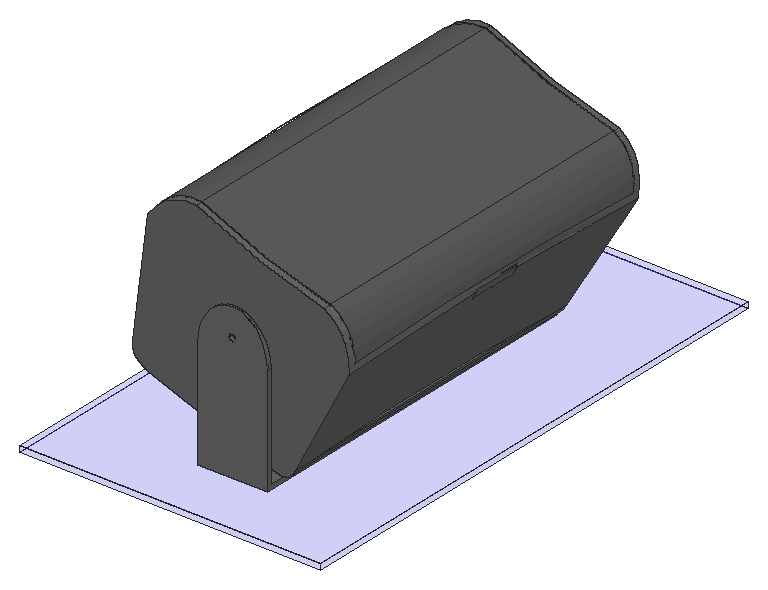
Revit family "AD-S112s - Yoke Mount", category Generic Models, host Face, Revit 2014
Parameters
  Yoke Finish [instance] = Black Finish
  Width = 354.012 mm
  Weight Product (lb) = 29
  Weight Product (kg) = 13.2
  Weight Dimensional (lb) = 43.1
  Weight Dimensional (kg) = 19.6
  URL = "http://www.qsc.com/products/Loudspeakers/AcousticDesign_Surface_Mount_(New_Models)/AD-S112SW/"
  Translated Angle [instance] = Rotation Angle + 90.00°  # 70.00°
  Sensitivity = 90
  SPL Max = 121
  Rotation Angle [instance] = -20.00°
  Regulatory Compliance = "IP54"
  Product Page URL = "http://www.qsc.com/products/Loudspeakers/AcousticDesign_Surface_Mount_(New_Models)/AD-S112SW/"
  Product Documentation Link = "http://qsc.com/files/3814/0362/8026/AD-S112sw_Specification_Sheet_English.pdf"
  Power Handling = 300
  Mount Width = 114.995 mm
  Mount Inner Height [instance] = 584.007 mm
  Mount Height = 596 mm
  Mount Depth = 254 mm
  Model = "AD-S112s"
  Manufacturer URL = "www.qscaudio.com"
  Manufacturer = "QSC Audio Products, LLC"
  Impedance = 8
  Height = 594.023 mm
  Grille Finish [instance] = Black Grille
  Enclosure Finish [instance] = Black Finish
  Description = "12\" Small Format Surface Mount Subwoofer"
  Depth = 322.957 mm
  Default Elevation = 1219.2 mm
Reference planes
  plane 1 "Center (Front/Back)": y = 0
  plane 2: z = 0
  plane 3 "Center (Left/Right)": x = 0
  plane 4 "Top": y = 298
  plane 5 "Bottom": y = -298
  plane 6: x = -57.497
  plane 7: x = 57.497
  plane 8: z = 254
  plane 9: z = 179
  plane 10: y = 292.004
  plane 11: y = -292.004
  plane 12: z = 208
Forms (mm)
  Extrusion 1, solid, material "Glass"
    sketch origin (0, 0, 0) x (1, 0, 0) y (0, 1, 0)
      loop
        line (-266.7, 478.1) -> (-266.7, -401.952) -> (228.824, -401.952) -> (228.824, 478.1) -> (-266.7, 478.1)
    from 0 to -10.021
  Extrusion 2, solid, material "Black Finish" <- "Yoke Finish"
    sketch origin (0, -298, 0) x (1, 0, 0) y (0, 0, -1)
      loop
        circle (0, -208) r 5.5
      loop
        line (57.497, 0) -> (-57.497, 0) -> (-57.497, -179)
        spline (-57.497, -179) -> (-55.538, -198.411) -> (-49.794, -216.5) -> (-40.657, -232.033) -> (-28.749, -243.952) -> (-14.881, -251.444) -> (0, -254) -> (14.881, -251.444) -> (28.749, -243.952) -> (40.657, -232.033) -> (49.794, -216.5) -> (55.538, -198.411) -> (57.497, -179)
        line (57.497, -179) -> (57.497, 0)
    from 0 to 596 <- "Mount Height"
  Extrusion 3, void
    sketch origin (-319.189, -292.004, 1219.2) x (1, 0, 0) y (0, 0, -1)
      loop
        line (261.692, 965.2) -> (376.686, 965.2) -> (376.686, 1211.072) -> (261.692, 1211.072) -> (261.692, 965.2)
    from 0 to 584.007 <- "Mount Inner Height"
Cuts and joins
  Extrusion 3 cuts Extrusion 2
Lines and regions (mm)
  reference lines
    curve 1: line (0, 0, 0) -> (0, 0, 208)
Dimensions and locks
  equal spacing: plane 4 "Top", plane 1 "Center (Front/Back)", plane 5 "Bottom"
  "Mount Height": plane 4 "Top" to plane 5 "Bottom"
  equal spacing: plane 6, plane 3 "Center (Left/Right)", plane 7
  "Mount Width": plane 6 to plane 7
  "Mount Depth": plane 8 to plane 2
  equal spacing: plane 11, plane 1 "Center (Front/Back)", plane 10
  plane 4 "Top" to plane 10 = 5.996 mm
  level to Extrusion 3 sketch curve = 8.128 mm
  "Mount Inner Height": plane 10 to plane 11
  plane 12 to plane 2 = 208 mm
  "Translated Angle": angle nested 1 to plane 12
  aligned and locked: plane 2 to Extrusion 1
  aligned and locked: level to Extrusion 1
  aligned and locked: plane 12 to curve 1
Automatic sketch dimensions
  Extrusion 1 sketch curve to Extrusion 1 sketch curve = 495.524 mm
  Extrusion 1 sketch curve to Extrusion 1 sketch curve = 880.052 mm
  Extrusion 3 sketch curve to plane 6 = 0 mm
  Extrusion 3 sketch curve to plane 7 = 0 mm
  Extrusion 3 sketch curve to plane 8 = 0 mm
  curve 1 to plane 3 "Center (Left/Right)" = 0 mm
  curve 1 to level = 0 mm
  Extrusion 2 sketch curve to level = 0 mm
  Extrusion 2 sketch curve to plane 6 = 0 mm
  Extrusion 2 sketch curve to plane 3 "Center (Left/Right)" = 0 mm  (x2)
  Extrusion 2 sketch curve to plane 9 = 0 mm
  Extrusion 2 sketch curve to plane 12 = 0 mm
  radius of Extrusion 2 sketch curve = 5.5 mm
Nested families
  nested 1: "AD-S12" at (54.897, 0, 359.744) x (-0.9397, 0, 0.342) z (0, -1, 0), type "AD-S12"
  nested 2: "AD-S12" at (228.6, 0, 399.165) x (-1, 0, 0) z (0, -1, 0), type "AD-S12", not visible
Connectors
  electrical at (-50.434, -120, 70.351)
    settings: on nested 1, index 1, voltage 0 V, apparent load 0 VA, apparent load phase1 0 VA, apparent load phase2 0 VA, apparent load phase3 0 VA, power factor 1, load classification "Other", number of poles 1, system type 14, power factor state 1, is connector primary yes, connector utility no, sub classification motor no, connector description "Speaker Input"
  electrical at (-50.434, -120, 70.351)
    settings: on nested 1, index 2, voltage 0 V, apparent load 0 VA, apparent load phase1 0 VA, apparent load phase2 0 VA, apparent load phase3 0 VA, power factor 1, load classification "Other", number of poles 1, system type 14, power factor state 1, is connector primary no, connector utility no, sub classification motor no, connector description "Parallel Output"
Definition of nested family "AD-S12"
  Parameters (values of type "AD-S12")
    Width = 354 mm
    Weight Dimensional (lb) = 43.1
    Weight Dimensional (kg) = 19.6
    URL = "http://www.qsc.com/products/Loudspeakers/AcousticDesign_Surface_Mount_(New_Models)/AD-S112SW/"
    Sensitivity = 90
    SPL Max = 121
    Rotation Axis Distance = 3351 mm
    Product Page URL = "http://www.qsc.com/products/Loudspeakers/AcousticDesign_Surface_Mount_(New_Models)/AD-S112SW/"
    Weight Product (kg) = 29
    Weight Product (lb) = 13.2
    Power Handling = 300
    Model = "AD-S112s"
    Mid Depth = 310.5 mm
    Manufacturer URL = "www.qscaudio.com"
    Manufacturer = "QSC Audio Products, LLC"
    Impedance = 8
    Height [instance] = 595.869 mm
    Grille Finish = Black Grille
    Enclosure Finish = Black Finish
    Description = "12\" Small Format Surface Mount Subwoofer"
    Depth [instance] = 322.965 mm
  Reference planes
    plane 1 "Center (Front/Back) (Grille Extent)": y = 0
    plane 2: z = 0
    plane 3 "Center (Left/Right)": x = 0
    plane 4 "Rotation Axis Plane": y = 3351
    plane 5: x = -177
    plane 6: x = 177
    plane 7: x = 106.71
    plane 8: x = -106.71
    plane 9: y = 71.2
    plane 10: x = -142.835
    plane 11: x = 142.835
    plane 12: y = 283.17
    plane 13: x = -112.545
    plane 14: x = 112.545
    plane 15: y = 5.4
    plane 16 "Back Plane": y = 322.965
    plane 17: y = 310.5
    plane 18: y = 77.988
    plane 19: x = -173.25
    plane 20: x = 173.25
    plane 21: z = 140
    plane 22: z = 100
    plane 23: x = -40
    plane 24: x = 40
    plane 25 "Top Plane": z = 300.533
    plane 26: z = -295.335
    plane 27: x = 106.71
    plane 28: x = -106.71
    plane 29: y = 71.2
    plane 30: x = -142.835
    plane 31: x = 142.835
    plane 32: y = 283.17
    plane 33: x = -112.545
    plane 34: x = 112.545
    plane 35: y = 5.4
    plane 36: y = 310.5
    plane 37: y = 77.988
    plane 38: x = -173.25
    plane 39: x = 173.25
  Forms (mm)
    Revolve 1, solid, material "Black Finish" <- "Enclosure Finish"
      sketch origin (0, 0, 0) x (1, 0, 0) y (0, 1, 0)
        loop
          spline (-106.71, 310.5) -> (-111.828, 310.31) -> (-116.563, 309.741) -> (-120.915, 308.792) -> (-124.884, 307.463) -> (-128.469, 305.755) -> (-131.671, 303.667) -> (-134.49, 301.2) -> (-136.925, 298.353) -> (-138.978, 295.127) -> (-140.647, 291.521) -> (-141.933, 287.535) -> (-142.835, 283.17)
          line (-142.835, 283.17) -> (-177, 71.2)
          spline (-177, 71.2) -> (-173.811, 61.268) -> (-170.225, 52.062) -> (-166.243, 43.584) -> (-161.863, 35.833) -> (-157.087, 28.809) -> (-151.915, 22.512) -> (-146.345, 16.942) -> (-140.378, 12.099) -> (-134.015, 7.984) -> (-127.255, 4.595) -> (-120.099, 1.934) -> (-112.545, 0)
          spline (-112.545, 0) -> (-93.804, 1.932) -> (-75.061, 3.512) -> (-56.314, 4.742) -> (-37.564, 5.62) -> (-18.812, 6.147) -> (-0.056, 6.322) -> (18.703, 6.147) -> (37.466, 5.62) -> (56.231, 4.742) -> (74.999, 3.512) -> (93.771, 1.932) -> (112.545, 0)
          spline (112.545, 0) -> (120.099, 1.934) -> (127.255, 4.595) -> (134.015, 7.984) -> (140.378, 12.099) -> (146.345, 16.942) -> (151.915, 22.512) -> (157.087, 28.809) -> (161.863, 35.833) -> (166.243, 43.584) -> (170.225, 52.062) -> (173.811, 61.268) -> (177, 71.2)
          line (177, 71.2) -> (142.835, 283.17)
          spline (142.835, 283.17) -> (141.933, 287.535) -> (140.647, 291.521) -> (138.978, 295.127) -> (136.925, 298.353) -> (134.49, 301.2) -> (131.671, 303.667) -> (128.469, 305.755) -> (124.884, 307.463) -> (120.915, 308.792) -> (116.563, 309.741) -> (111.828, 310.31) -> (106.71, 310.5)
          line (106.71, 310.5) -> (-106.71, 310.5)
        axis (-177, 3351) -> (177, 3351)
      angle from -5.19 to 5.19
    Revolve 2, void
      sketch origin (0, 0, 0) x (1, 0, 0) y (0, 1, 0)
        loop
          line (-173.25, 77.988) -> (-173.25, 0) -> (173.25, 0) -> (173.25, 77.988) -> (-173.25, 77.988)
        axis (-173.25, 3351) -> (173.25, 3351)
      angle from -5 to 5
    Extrusion 3, void
      sketch origin (0, 322.965, 0) x (-1, 0, 0) y (0, 0, -1)
        loop
          line (-40, -140) -> (40, -140) -> (40, -100) -> (-40, -100) -> (-40, -140)
      from 0 to 15
    Revolve 4, solid, material "Black Grille" <- "Grille Finish"
      sketch origin (0, 0, 0) x (1, 0, 0) y (0, 1, 0)
        loop
          spline (-112.545, 0) -> (-93.804, 1.932) -> (-75.061, 3.512) -> (-56.314, 4.742) -> (-37.564, 5.62) -> (-18.812, 6.147) -> (-0.056, 6.322) -> (18.703, 6.147) -> (37.466, 5.62) -> (56.231, 4.742) -> (74.999, 3.512) -> (93.771, 1.932) -> (112.545, 0)
          spline (112.545, 0) -> (119.689, 2.124) -> (126.453, 4.767) -> (132.839, 7.928) -> (138.845, 11.607) -> (144.472, 15.805) -> (149.721, 20.522) -> (154.59, 25.757) -> (159.08, 31.51) -> (163.191, 37.782) -> (166.923, 44.572) -> (170.276, 51.88) -> (173.25, 59.708)
          line (173.25, 59.708) -> (-173.25, 59.708)
          spline (-173.25, 59.708) -> (-170.276, 51.88) -> (-166.923, 44.572) -> (-163.191, 37.782) -> (-159.08, 31.51) -> (-154.59, 25.757) -> (-149.721, 20.522) -> (-144.472, 15.805) -> (-138.845, 11.607) -> (-132.839, 7.928) -> (-126.453, 4.767) -> (-119.689, 2.124) -> (-112.545, 0)
        axis (-173.25, 3351) -> (173.25, 3351)
      angle from -5.009 to 5.009
    Revolve 5, void
      sketch origin (0, 0, 0) x (1, 0, 0) y (0, 1, 0)
        loop
          line (-180.191, 68.216) -> (-174.405, 68.216) -> (-174.405, 89.098) -> (-180.191, 89.098) -> (-180.191, 68.216)
        loop
          line (180.191, 68.216) -> (180.191, 89.098) -> (174.405, 89.098) -> (174.405, 68.216) -> (180.191, 68.216)
        axis (-180.191, 3351) -> (180.191, 3351)
      angle from -0.75 to 0.75
  Cuts and joins
    Revolve 2, Extrusion 3, Revolve 5 cuts Revolve 1
  Lines and regions (mm)
    model lines, detail levels fine
      curve 1: line (4.373, 59.67, 298.955) -> (-1.703, 67.642, 298.231)
      curve 2: line (-1.703, 67.642, 298.231) -> (4.373, 59.67, 298.955)
      curve 3: line (-23.732, 60.665, 298.865) -> (-21.437, 68.889, 298.118)
      curve 4: line (-21.437, 68.889, 298.118) -> (-23.732, 60.665, 298.865)
      curve 5: line (-19.898, 55.22, 299.359) -> (-21.611, 70.439, 297.977)
      curve 6: line (-21.611, 70.439, 297.977) -> (-19.898, 55.22, 299.359)
      curve 7: line (12.509, 65.868, 298.392) -> (17.927, 61.904, 298.752)
      curve 8: line (17.927, 61.904, 298.752) -> (12.509, 65.868, 298.392)
      curve 17: line (-174.405, 74.788, 5.092) -> (-174.405, 82.206, -0.539)
      curve 18: line (-174.405, 82.206, -0.539) -> (-174.405, 74.788, 5.092)
      curve 19: line (-174.405, 75.714, -20.955) -> (-174.405, 83.367, -18.828)
      curve 20: line (-174.405, 83.367, -18.828) -> (-174.405, 75.714, -20.955)
      curve 21: line (-174.405, 70.647, -17.402) -> (-174.405, 84.809, -18.989)
      curve 22: line (-174.405, 84.809, -18.989) -> (-174.405, 70.647, -17.402)
      curve 23: line (-174.405, 80.555, 12.632) -> (-174.405, 76.866, 17.653)
      curve 24: line (-174.405, 76.866, 17.653) -> (-174.405, 80.555, 12.632)
      curve 33: line (174.405, 74.915, -5.092) -> (174.405, 82.334, 0.539)
      curve 34: line (174.405, 82.334, 0.539) -> (174.405, 74.915, -5.092)
      curve 35: line (174.405, 75.841, 20.955) -> (174.405, 83.494, 18.828)
      curve 36: line (174.405, 83.494, 18.828) -> (174.405, 75.841, 20.955)
      curve 37: line (174.405, 70.774, 17.402) -> (174.405, 84.936, 18.989)
      curve 38: line (174.405, 84.936, 18.989) -> (174.405, 70.774, 17.402)
      curve 39: line (174.405, 80.682, -12.632) -> (174.405, 76.993, -17.653)
      curve 40: line (174.405, 76.993, -17.653) -> (174.405, 80.682, -12.632)
      curve 41: line (-4.373, 59.67, -298.955) -> (1.703, 67.642, -298.231)
      curve 42: line (1.703, 67.642, -298.231) -> (-4.373, 59.67, -298.955)
      curve 43: line (23.732, 60.665, -298.865) -> (21.437, 68.889, -298.118)
      curve 44: line (21.437, 68.889, -298.118) -> (23.732, 60.665, -298.865)
      curve 45: line (19.898, 55.22, -299.359) -> (21.611, 70.439, -297.977)
      curve 46: line (21.611, 70.439, -297.977) -> (19.898, 55.22, -299.359)
      curve 47: line (-12.509, 65.868, -298.392) -> (-17.927, 61.904, -298.752)
      curve 48: line (-17.927, 61.904, -298.752) -> (-12.509, 65.868, -298.392)
    model lines, not visible, detail levels fine
      curve 9: line (-17.401, 29.808, 0.794) -> (-23.477, 37.813, 0.794)
      curve 10: line (-23.477, 37.813, 0.794) -> (-17.401, 29.808, 0.794)
      curve 11: line (-45.506, 30.808, 0.794) -> (-43.21, 39.066, 0.794)
      curve 12: line (-43.21, 39.066, 0.794) -> (-45.506, 30.808, 0.794)
      curve 13: line (-41.671, 25.34, 0.794) -> (-43.385, 40.622, 0.794)
      curve 14: line (-43.385, 40.622, 0.794) -> (-41.671, 25.34, 0.794)
      curve 15: line (-9.265, 36.032, 0.794) -> (-3.847, 32.051, 0.794)
      curve 16: line (-3.847, 32.051, 0.794) -> (-9.265, 36.032, 0.794)
      curve 25: line (16.721, -59.866, 26.087) -> (11.09, -52.447, 26.087)
      curve 26: line (11.09, -52.447, 26.087) -> (16.721, -59.866, 26.087)
      curve 27: line (-9.326, -58.94, 26.087) -> (-7.199, -51.287, 26.087)
      curve 28: line (-7.199, -51.287, 26.087) -> (-9.326, -58.94, 26.087)
      curve 29: line (-5.773, -64.007, 26.087) -> (-7.36, -49.845, 26.087)
      curve 30: line (-7.36, -49.845, 26.087) -> (-5.773, -64.007, 26.087)
      curve 31: line (24.261, -54.099, 26.087) -> (29.282, -57.788, 26.087)
      curve 32: line (29.282, -57.788, 26.087) -> (24.261, -54.099, 26.087)
    model lines, not visible, detail levels medium+fine
      curve 49: circle (0, 191.054, 0) r 16.5 normal (0, 0, 1)
    model lines, detail levels medium+fine
      curve 50: circle (0, 160.69, 289.78) r 16.5 normal (0, 0.0905, 0.9959)
      curve 51: circle (0, 160.69, -289.78) r 16.5 normal (0, -0.0905, 0.9959)
  Dimensions and locks
    "Rotation Axis Distance": plane 4 "Rotation Axis Plane" to plane 1 "Center (Front/Back) (Grille Extent)"
    equal spacing: plane 5, plane 3 "Center (Left/Right)", plane 6
    "Width": plane 5 to plane 6
    equal spacing: plane 8, plane 3 "Center (Left/Right)", plane 7
    plane 8 to plane 7 = 213.42 mm
    plane 10 to plane 11 = 285.67 mm
    equal spacing: plane 10, plane 3 "Center (Left/Right)", plane 11
    equal spacing: plane 13, plane 3 "Center (Left/Right)", plane 14
    plane 13 to plane 14 = 225.09 mm
    plane 15 to plane 1 "Center (Front/Back) (Grille Extent)" = 5.4 mm
    "Depth": plane 16 "Back Plane" to plane 1 "Center (Front/Back) (Grille Extent)"
    "Mid Depth": plane 17 to plane 1 "Center (Front/Back) (Grille Extent)"
    equal spacing: plane 19, plane 3 "Center (Left/Right)", plane 20
    plane 19 to plane 20 = 346.5 mm
    plane 21 to plane 22 = 40 mm
    equal spacing: plane 23, plane 3 "Center (Left/Right)", plane 24
    plane 23 to plane 24 = 80 mm
    "Height": plane 25 "Top Plane" to plane 26
    plane 9 to plane 1 "Center (Front/Back) (Grille Extent)" = 71.2 mm
    plane 10 to plane 3 "Center (Left/Right)" = 142.835 mm
    plane 17 to plane 12 = 27.33 mm
    plane 13 to plane 3 "Center (Left/Right)" = 112.545 mm
    plane 8 to plane 3 "Center (Left/Right)" = 106.71 mm
    plane 28 to plane 27 = 213.42 mm  (x2)
    plane 30 to plane 31 = 285.67 mm  (x2)
    plane 33 to plane 34 = 225.09 mm  (x2)
    plane 36 to plane 32 = 27.33 mm
    plane 38 to plane 39 = 346.5 mm
    curve 50 to plane 16 "Back Plane" = 145.843 mm
    plane 26 to plane 22 = 395.335 mm
    aligned and locked: plane 2 to level
    aligned and locked: Revolve 1 sketch curve to plane 17
    aligned and locked: Revolve 2 sketch curve to plane 4 "Rotation Axis Plane"
    aligned and locked: Revolve 2 sketch curve to plane 18
    aligned and locked: Revolve 2 sketch curve to plane 19
    aligned and locked: Revolve 2 sketch curve to plane 1 "Center (Front/Back) (Grille Extent)"
    aligned and locked: Revolve 2 sketch curve to plane 20
    aligned and locked: plane 21 to Extrusion 3 sketch curve
    aligned and locked: plane 24 to Extrusion 3 sketch curve
    aligned and locked: Extrusion 3 sketch curve to plane 22
    aligned and locked: Extrusion 3 sketch curve to plane 23
    aligned and locked: plane 12 to Revolve 1 sketch curve
    aligned and locked: plane 10 to Revolve 1 sketch curve
    aligned and locked: plane 16 "Back Plane" to cut or joined group of Revolve 1, Revolve 2, Extrusion 3, Revolve 5
    aligned and locked: curve 6 to cut or joined group of Revolve 1, Revolve 2, Extrusion 3, Revolve 5
    aligned and locked: curve 50 to cut or joined group of Revolve 1, Revolve 2, Extrusion 3, Revolve 5
    aligned and locked: Revolve 5 sketch curve to plane 4 "Rotation Axis Plane"
  Automatic sketch dimensions
    Revolve 1 sketch curve to plane 5 = 0 mm  (x2)
    Revolve 1 sketch curve to plane 4 "Rotation Axis Plane" = 0 mm
    plane 1 "Center (Front/Back) (Grille Extent)" to Revolve 1 sketch curve = 0 mm
    Revolve 1 sketch curve to plane 13 = 0 mm
    Revolve 1 sketch curve to plane 8 = 0 mm
    Revolve 1 sketch curve to plane 7 = 0 mm
    Revolve 1 sketch curve to plane 14 = 0 mm
    Revolve 1 sketch curve to plane 11 = 0 mm
    Revolve 1 sketch curve to plane 6 = 0 mm  (x2)
    Revolve 1 sketch curve to plane 9 = 0 mm  (x2)
    Revolve 1 sketch curve to plane 12 = 0 mm
    Revolve 2 sketch curve to plane 3 "Center (Left/Right)" = 0 mm
    Revolve 2 sketch curve to plane 6 = 0 mm
    Revolve 4 sketch curve to plane 4 "Rotation Axis Plane" = 0 mm
    Revolve 4 sketch curve to plane 5 = 0 mm
    Revolve 4 sketch curve to plane 38 = 0 mm
    plane 1 "Center (Front/Back) (Grille Extent)" to Revolve 4 sketch curve = 0 mm
    Revolve 4 sketch curve to plane 33 = 0 mm
    Revolve 4 sketch curve to plane 34 = 0 mm
    Revolve 4 sketch curve to plane 39 = 0 mm
    Revolve 4 sketch curve to plane 6 = 0 mm
    Revolve 4 sketch curve to plane 29 = 11.492 mm
    curve 3 to curve 4 = 0 mm  (x2)
    curve 4 to curve 5 = 2.121 mm
    curve 6 to curve 5 = 0 mm  (x3)
    curve 6 to curve 3 = 0.174 mm
    curve 4 to curve 3 = 0 mm
    curve 3 to curve 5 = 3.834 mm
    curve 3 to curve 2 = 19.734 mm
    curve 1 to curve 2 = 0 mm
    curve 2 to curve 1 = 6.076 mm
    curve 2 to curve 1 = 0 mm  (x3)
    curve 1 to curve 8 = 8.136 mm
    curve 7 to curve 8 = 0 mm  (x2)
    curve 7 to curve 8 = 5.418 mm
    curve 5 to curve 6 = 0 mm
    curve 6 to curve 1 = 4.468 mm
    curve 5 to curve 4 = 5.468 mm
    curve 1 to curve 7 = 2.243 mm
    curve 8 to curve 7 = 0 mm  (x2)
    curve 8 to curve 7 = 3.981 mm
    curve 1 to curve 1 = 8.005 mm
    curve 4 to curve 4 = 8.258 mm
    curve 11 to curve 12 = 0 mm  (x2)
    curve 12 to curve 13 = 2.121 mm
    curve 14 to curve 13 = 0 mm  (x3)
    curve 14 to curve 11 = 0.174 mm
    curve 12 to curve 11 = 0 mm
    curve 11 to curve 13 = 3.834 mm
    curve 11 to curve 10 = 19.734 mm
    curve 9 to curve 10 = 0 mm
    curve 10 to curve 9 = 6.076 mm
    curve 10 to curve 9 = 0 mm  (x3)
    curve 9 to curve 16 = 8.136 mm
    curve 15 to curve 16 = 0 mm  (x2)
    curve 15 to curve 16 = 5.418 mm
    curve 13 to curve 14 = 0 mm
    curve 14 to curve 9 = 4.468 mm
    curve 13 to curve 12 = 5.468 mm
    curve 9 to curve 15 = 2.243 mm
    curve 16 to curve 15 = 0 mm  (x2)
    curve 16 to curve 15 = 3.981 mm
    curve 9 to curve 9 = 8.005 mm
    curve 12 to curve 12 = 8.258 mm
    curve 19 to curve 20 = 0 mm  (x2)
    curve 20 to curve 21 = 1.966 mm
    curve 22 to curve 21 = 0 mm  (x3)
    curve 21 to curve 19 = 0.162 mm
    curve 20 to curve 19 = 0 mm
    curve 19 to curve 21 = 3.554 mm
    curve 19 to curve 18 = 18.288 mm
    curve 17 to curve 18 = 0 mm
    curve 17 to curve 17 = 5.631 mm
    curve 18 to curve 17 = 0 mm  (x3)
    curve 18 to curve 24 = 7.54 mm
    curve 23 to curve 24 = 0 mm  (x2)
    curve 23 to curve 24 = 5.021 mm
    curve 21 to curve 22 = 0 mm
    curve 22 to curve 17 = 4.141 mm
    curve 22 to curve 20 = 5.067 mm
    curve 18 to curve 23 = 2.079 mm
    curve 24 to curve 23 = 0 mm  (x2)
    curve 24 to curve 23 = 3.689 mm
    curve 18 to curve 17 = 7.419 mm
    curve 20 to curve 20 = 7.653 mm
    curve 27 to curve 28 = 0 mm  (x2)
    curve 28 to curve 29 = 1.966 mm
    curve 30 to curve 29 = 0 mm  (x3)
    curve 29 to curve 27 = 0.162 mm
    curve 28 to curve 27 = 0 mm
    curve 27 to curve 29 = 3.554 mm
    curve 27 to curve 26 = 18.288 mm
    curve 25 to curve 26 = 0 mm
    curve 25 to curve 25 = 5.631 mm
    curve 26 to curve 25 = 0 mm  (x3)
    curve 26 to curve 32 = 7.54 mm
    curve 31 to curve 32 = 0 mm  (x2)
    curve 31 to curve 32 = 5.021 mm
    curve 29 to curve 30 = 0 mm
    curve 30 to curve 25 = 4.141 mm
    curve 30 to curve 28 = 5.067 mm
    curve 26 to curve 31 = 2.079 mm
    curve 32 to curve 31 = 0 mm  (x2)
    curve 32 to curve 31 = 3.689 mm
    curve 26 to curve 25 = 7.419 mm
    curve 28 to curve 28 = 7.653 mm
    curve 35 to curve 36 = 0 mm  (x2)
    curve 36 to curve 37 = 1.966 mm
    curve 38 to curve 37 = 0 mm  (x3)
    curve 37 to curve 35 = 0.162 mm
    curve 36 to curve 35 = 0 mm
    curve 35 to curve 37 = 3.554 mm
    curve 35 to curve 34 = 18.288 mm
    curve 33 to curve 34 = 0 mm
    curve 33 to curve 33 = 5.631 mm
    curve 34 to curve 33 = 0 mm  (x3)
    curve 34 to curve 40 = 7.54 mm
    curve 39 to curve 40 = 0 mm  (x2)
    curve 39 to curve 40 = 5.021 mm
    curve 37 to curve 38 = 0 mm
    curve 38 to curve 33 = 4.141 mm
    curve 38 to curve 36 = 5.067 mm
    curve 34 to curve 39 = 2.079 mm
    curve 40 to curve 39 = 0 mm  (x2)
    curve 40 to curve 39 = 3.689 mm
    curve 34 to curve 33 = 7.419 mm
    curve 36 to curve 36 = 7.653 mm
    curve 43 to curve 44 = 0 mm  (x2)
    curve 44 to curve 45 = 2.121 mm
    curve 46 to curve 45 = 0 mm  (x3)
    curve 46 to curve 43 = 0.174 mm
    curve 44 to curve 43 = 0 mm
    curve 43 to curve 45 = 3.834 mm
    curve 43 to curve 42 = 19.734 mm
    curve 41 to curve 42 = 0 mm
    curve 42 to curve 41 = 6.076 mm
    curve 42 to curve 41 = 0 mm  (x3)
    curve 41 to curve 48 = 8.136 mm
    curve 47 to curve 48 = 0 mm  (x2)
    curve 47 to curve 48 = 5.418 mm
    curve 45 to curve 46 = 0 mm
    curve 46 to curve 41 = 4.468 mm
    curve 45 to curve 44 = 5.468 mm
    curve 41 to curve 47 = 2.243 mm
    curve 48 to curve 47 = 0 mm  (x2)
    curve 48 to curve 47 = 3.981 mm
    curve 41 to curve 41 = 8.005 mm
    curve 44 to curve 44 = 8.258 mm
    Revolve 5 sketch curve to plane 5 = 3.191 mm
    plane 5 to Revolve 5 sketch curve = 2.595 mm
    plane 6 to Revolve 5 sketch curve = 2.595 mm
    Revolve 5 sketch curve to plane 6 = 3.191 mm
    Revolve 5 sketch curve to plane 1 "Center (Front/Back) (Grille Extent)" = 89.098 mm  (x2)
    Revolve 5 sketch curve to Revolve 5 sketch curve = 20.882 mm  (x2)
    Revolve 5 sketch curve to plane 5 = 765.037 mm
    Revolve 5 sketch curve to plane 6 = 908.511 mm
  Connectors
    electrical at (0, 307.965, 120)
      settings: on cut or joined group of Revolve 1, Revolve 2, Extrusion 3, Revolve 5, index 1, voltage 0 V, apparent load 0 VA, apparent load phase1 0 VA, apparent load phase2 0 VA, apparent load phase3 0 VA, power factor 1, load classification "Other", number of poles 1, system type 14, power factor state 1, is connector primary yes, connector utility no, sub classification motor no, connector description "Speaker Input"
    electrical at (0, 307.965, 120)
      settings: on cut or joined group of Revolve 1, Revolve 2, Extrusion 3, Revolve 5, index 2, voltage 0 V, apparent load 0 VA, apparent load phase1 0 VA, apparent load phase2 0 VA, apparent load phase3 0 VA, power factor 1, load classification "Other", number of poles 1, system type 14, power factor state 1, is connector primary no, connector utility no, sub classification motor no, connector description "Parallel Output"
